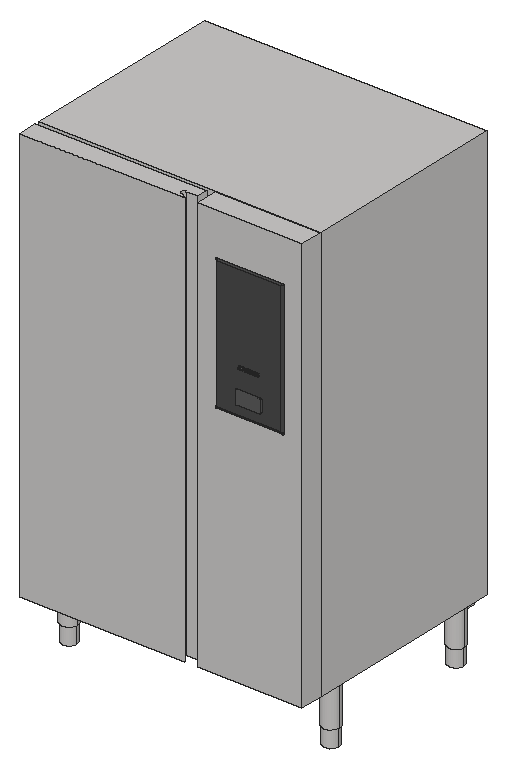
Revit family "QF_ALPENINOX_729258_ABFA21RE", category Specialty Equipment, Revit 2018
Family settings
  Round Connector Dimension = Use Diameter
  Part Type = Normal
  Work Plane-Based = No
  Always vertical = Yes
  Cut with Voids When Loaded = No
  Shared = No
  Room Calculation Point = No
Parameters (values of type "QF_ALPENINOX_729258_ABFA21RE.rfa")
  Weight = 285.00 kg
  Watts = 81.7547 W
  Volts = 380 V
  URL Manufacturer = "http://www.alpeninox.com"
  URL = "http://www.alpeninox.com"
  Steam Supply Size = 0 mm
  Steam Supply Minimum Pressure = 0.0 Pa
  Steam Supply Maximum Pressure = 0.0 Pa
  Steam Pounds per Hour = 0
  Show Logo [instance] = yes
  Show Clearance [instance] = yes
  Refrigeration Suction Line Size = 0.052 mm
  Refrigeration Liquid Line Size = 0.031 mm
  Refrigerant Compressor Remote = yes
  Manufacturer = "Alpeninox"
  Phase = 3
  Model = "ABFA21RE"
  Length Actual = 1040 mm  # constant formula
  Item Number = "729258"
  Hot Water Size = 0 mm
  Height Actual = 1771 mm  # constant formula
  HP = "1.2 HP"
  Gas Size = 0 mm
  Gas KW = 0
  Gas Input Pressure = 0 W
  Description = "CRIO CHILL BLAST CHILLER FREEZER 100/85KG 20 GN 1/1 - REMOTE REFRIGERATING UNIT"
  Depth Actual = 850 mm  # constant formula
  Cycle = 60 Hz
  Condensate Return Size = 0 mm
  Compressed Air Volume = 0.0 L/s
  Compressed Air Size = 0 mm
  Compressed Air Pressure = 0.0 Pa
  Cold Water Size = 0 mm
  Accessory = yes
Types (2, lengths in mm): name | URL | Manufacturer | Phase | Model | Description
  (no name) | 0 | 0 | 0 | 0 | 0
  QF_ALPENINOX_729258_ABFA21RE.rfa | "http://www.alpeninox.com" | "Alpeninox" | 3 | "ABFA21RE" | "CRIO CHILL BLAST CHILLER FREEZER 100/85KG 20 GN 1/1 - REMOTE REFRIGERATING UNIT"
Values of the unnamed type that differ from the named types
  Watts = 0 W
  Volts = 0 V
  URL Manufacturer = ""
  Item Number = ""
  HP = ""
  Cycle = 0 Hz
Reference planes
  plane 1 "Center X": y = 129.851
  plane 2: z = 0
  plane 3 "Center Y": x = -384
  plane 4 "LEFT": x = -904
  plane 5 "BACK": y = 554.851
  plane 6 "RIGHT": x = 136
  plane 7 "FRONT": y = -295.149
  plane 8 "TOP": z = 1741
  plane 9: x = -866.5
  plane 10: y = 478.851
  plane 11: x = 98.5
  plane 12: y = -115.149
  plane 13: y = 616.851
  plane 14: y = -880.149
  plane 15: z = 210
  plane 16: x = -852
  plane 17: x = 84
  plane 18: z = 1174
Forms (mm)
  Extrusion 1, solid, material "QF_Finishes_Stainless Steel"
    sketch origin (0, 0, 1741) x (-1, 0, 0) y (0, -1, 0)
      loop
        line (904, -554.851) -> (904, 210.149) -> (-136, 210.149) -> (-136, -554.851) -> (904, -554.851)
    from 0 to -1531
  Extrusion 2, solid, material "QF_Finishes_Stainless Steel"
    sketch origin (-904, -0.954, 258.709) x (0, 1, 0) y (0, 0, 1)
      loop
        line (617.805, -10.759) -> (555.805, -10.759) -> (555.805, -142.72) -> (617.805, -142.72) -> (617.805, -10.759)
    from 572 to 941.96
  Extrusion 3, solid, material "QF_Finishes_Stainless Steel"
    sketch origin (-199.727, 554.851, 2076) x (1, 0, 0) y (0, 0, -1)
      loop
        circle (230.727, 1616) r 10.5
      loop
        circle (230.727, 1686) r 8
      loop
        circle (230.727, 1701) r 4.75
    from 0 to 90
  Extrusion 4, solid, material "QF_Finishes_Stainless Steel"
    sketch origin (0, 0, 210) x (0, -1, 0) y (-1, 0, 0)
      loop
        circle (-176.851, 270.5) r 9.5
    from 0 to 31.68
  Extrusion 5, solid, material "QF_Finishes_Stainless Steel"
    sketch origin (-642.679, -295.149, 0) x (1, 0, 0) y (0, 0, -1)
      loop
        line (369.7, -1741) -> (369.7, -210) -> (-261.321, -210) -> (-261.321, -1741) -> (369.7, -1741)
    from 0 to 70
  Extrusion 6, solid, material "QF_Finishes_Stainless Steel"
    sketch origin (-623, 0, 1060.038) x (1, 0, 0) y (0, 1, 0)
      loop
        line (759, -295.149) -> (759, -211.149) -> (372.993, -211.149) -> (372.993, -295.149) -> (759, -295.149)
    from 680.962 to -850.038
  Extrusion 7, solid, material "QF_Door-Drawer Clearances", visible <- "Show Clearance", detail levels coarse
    sketch origin (-623, 0, 1060.038) x (1, 0, 0) y (0, 1, 0)
      loop
        line (-246, -295.149) -> (-246, -877.649)
        arc (-246, -877.649) -> (165.972, -703.005) -> (350.021, -295.149) r 614
        line (350.021, -295.149) -> (-246, -295.149)
    from -850.038 to 680.962
  Extrusion 8, void
    sketch origin (-904, -210.149, 1741) x (-1, 0, 0) y (0, 0, 1)
      loop
        line (-600.7, -65.802) -> (-600.7, -1517.802) -> (-46.5, -1517.802) -> (-46.5, -65.802) -> (-600.7, -65.802)
    from 0 to 704
  Extrusion 9, solid, material "QF_Door-Drawer Clearances", visible <- "Show Clearance", detail levels coarse
    sketch origin (-939, -461.949, 0) x (0, -1, 0) y (0, 0, -1)
      loop
        line (415.7, -1741) -> (415.7, -210) -> (-166.8, -210) -> (-166.8, -1741) -> (415.7, -1741)
    from 0 to 70
  Extrusion 10, solid, material "QF_Clearance", visible <- "Show Clearance", detail levels coarse
    sketch origin (-904, 909.851, 0) x (1, 0, 0) y (0, 1, 0)
      loop
        line (0, -1205) -> (0, -355) -> (1040, -355) -> (1040, -1205) -> (1140, -1205) -> (1140, -255) -> (-100, -255) -> (-100, -1205) -> (0, -1205)
    from 0 to 1841
  Extrusion 11, solid, material "QF_Clearance", visible <- "Show Clearance", detail levels coarse
    sketch origin (-1150.39, -1542.9, 1741) x (-1, 0, 0) y (0, -1, 0)
      loop
        line (-246.39, -1247.751) -> (-1286.39, -1247.751) -> (-1286.39, -2097.751) -> (-246.39, -2097.751) -> (-246.39, -1247.751)
    from 0 to 100
  Extrusion 12, void
    sketch origin (-945.724, 0, 0) x (1, 0, 0) y (0, 1, 0)
      loop
        arc (627.437, -262.922) -> (619.313, -269.056) -> (623.077, -278.514) r 8.395
        line (623.077, -278.514) -> (650.783, -295.149) -> (672.745, -295.149) -> (672.745, -262.922) -> (627.437, -262.922)
    from 210 to 1741
  Extrusion 13, void
    sketch origin (-1169.694, -426.449, 0) x (0, 1, 0) y (-1, 0, 0)
      loop
        arc (-405.892, -262.922) -> (-397.768, -256.787) -> (-401.532, -247.329) r 8.395
        line (-401.532, -247.329) -> (-429.238, -230.694) -> (-451.2, -230.694) -> (-451.2, -262.922) -> (-405.892, -262.922)
    from 210 to 1741
Cuts and joins
  Extrusion 8 cuts Extrusion 1
  Extrusion 8 cuts Extrusion 2
  Extrusion 8 cuts Extrusion 3
  Extrusion 8 cuts Extrusion 4
  joined: Extrusion 1, Extrusion 2, Extrusion 3, Extrusion 4
  Extrusion 12 cuts Extrusion 7
  Extrusion 12, Extrusion 13 cuts Extrusion 9
  joined: Extrusion 7, Extrusion 9
  joined: Extrusion 10, Extrusion 11
  Extrusion 12 cuts Extrusion 5
Lines and regions (mm)
  symbolic lines
    curve 1: line (-904, 554.851, 1741) -> (136, 554.851, 1741)
    curve 2: line (-904, -210.149, 1741) -> (-904, 554.851, 1741)
    curve 3: line (136, -295.149, 1741) -> (-250.007, -295.149, 1741)
    curve 4: line (136, 554.851, 1741) -> (136, -295.149, 1741)
    curve 5: line (61.997, -300.149, 1741) -> (-176.003, -300.149, 1741)
    curve 6: line (-176.003, -300.149, 1741) -> (-184.003, -295.149, 1741)
    curve 7: line (61.997, -300.149, 1741) -> (69.997, -295.149, 1741)
    curve 11: line (-250.007, -295.149, 0) -> (-250.007, -210.149, 0)
    curve 12: line (-250.007, -210.149, 0) -> (-904, -210.149, 0)
    curve 13: line (-904, -225.149, 0) -> (-272.979, -225.149, 0)
    curve 14: line (-904, -295.149, 0) -> (-904, -225.149, 0)
    curve 15: line (-294.94, -295.149, 0) -> (-904, -295.149, 0)
    curve 16: line (-272.979, -225.149, 0) -> (-272.979, -262.922, 0)
    curve 21: line (20.5, 644.851, 0) -> (41.5, 644.851, 0)
    curve 22: line (41.5, 644.851, 0) -> (41.5, 554.851, 0)
    curve 23: line (20.5, 644.851, 0) -> (20.5, 554.851, 0)
    curve 24: line (20.5, 616.851, 0) -> (-332, 616.851, 0)
    curve 25: line (-332, 616.851, 0) -> (-332, 554.851, 0)
    curve 29: line (-322.647, -278.514, 0) -> (-294.94, -295.149, 0)
    curve 30: arc (-318.287, -262.922, 0) -> (-326.41, -269.056, 0) -> (-322.647, -278.514, 0) r 8.395
    curve 31: line (-272.979, -262.922, 0) -> (-318.287, -262.922, 0)
  symbolic lines, style "QF_Door-Drawer Clearances", visible <- "Show Clearance"
    curve 8: arc (-272.979, -295.149, 1741) -> (-457.028, -703.005, 1741) -> (-869, -877.649, 1741) r 614
    curve 9: line (-939, -855.687, 1741) -> (-939, -295.149, 1741)
    curve 10: line (-869, -877.649, 1741) -> (-869, -295.149, 1741)
  symbolic lines, style "QF_Door-Drawer Clearances"
    curve 17: line (-869, -877.649, 0) -> (-906.773, -877.649, 0)
    curve 26: line (-922.365, -827.981, 0) -> (-939, -855.687, 0)
    curve 27: arc (-906.773, -832.341, 0) -> (-912.907, -824.217, 0) -> (-922.365, -827.981, 0) r 8.395
    curve 28: line (-906.773, -877.649, 0) -> (-906.773, -832.341, 0)
  symbolic lines, style "QF_Clearances", visible <- "Show Clearance", detail levels coarse
    curve 18: line (-1004, 654.851, 0) -> (-1004, -295.149, 0)
    curve 19: line (236, 654.851, 0) -> (-1004, 654.851, 0)
    curve 20: line (236, -295.149, 0) -> (236, 654.851, 0)
Dimensions and locks
  equal spacing: plane 4 "LEFT", plane 3 "Center Y", plane 6 "RIGHT"
  plane 4 "LEFT" to plane 6 "RIGHT" = 1040 mm
  plane 5 "BACK" to plane 7 "FRONT" = 850 mm
  equal spacing: plane 5 "BACK", plane 1 "Center X", plane 7 "FRONT"
  plane 15 to Extrusion 3 sketch curve = 250 mm
  plane 5 "BACK" to Extrusion 4 sketch curve = 378 mm
  plane 4 "LEFT" to Extrusion 4 sketch curve = 633.5 mm
  plane 6 "RIGHT" to Extrusion 3 sketch curve = 105 mm
  plane 8 "TOP" to level = 1741 mm
  Extrusion 3 sketch curve to Extrusion 6 = 165 mm
  Extrusion 3 sketch curve to Extrusion 6 = 180 mm
  aligned and locked: level to plane 2
  aligned and locked: plane 11 to nested 2
  aligned and locked: plane 9 to nested 1
  aligned and locked: nested 1 to plane 12
  aligned and locked: nested 2 to plane 12
  aligned and locked: nested 4 to plane 10
  aligned and locked: nested 3 to plane 10
Automatic sketch dimensions
  Extrusion 5 sketch curve to plane 4 "LEFT" = 0 mm
  Extrusion 5 sketch curve to plane 15 = 0 mm
  Extrusion 5 sketch curve to plane 8 "TOP" = 0 mm
  Extrusion 8 sketch curve to Extrusion 1 = 13.198 mm
  Extrusion 1 to Extrusion 8 sketch curve = 439.3 mm
  Extrusion 8 sketch curve to Extrusion 1 = 46.5 mm
  Extrusion 8 sketch curve to Extrusion 1 = 65.802 mm
  Extrusion 9 sketch curve to plane 8 "TOP" = 0 mm
  Extrusion 9 sketch curve to plane 15 = 0 mm
  plane 7 "FRONT" to Extrusion 9 sketch curve = 0 mm
  Extrusion 7 sketch curve to plane 7 "FRONT" = 0 mm
  plane 4 "LEFT" to Extrusion 7 sketch curve = 17.818 mm
  Extrusion 7 sketch curve to plane 9 = 2.5 mm
  plane 3 "Center Y" to Extrusion 7 sketch curve = 111.021 mm
  plane 14 to Extrusion 7 sketch curve = 2.5 mm
  Extrusion 1 sketch curve to plane 5 "BACK" = 0 mm
  Extrusion 1 sketch curve to plane 6 "RIGHT" = 0 mm
  Extrusion 1 sketch curve to plane 4 "LEFT" = 0 mm
  plane 7 "FRONT" to Extrusion 1 sketch curve = 85 mm
  Extrusion 6 sketch curve to plane 7 "FRONT" = 0 mm
  Extrusion 6 sketch curve to plane 6 "RIGHT" = 0 mm
  plane 3 "Center Y" to Extrusion 6 sketch curve = 133.993 mm
  Extrusion 6 sketch curve to Extrusion 6 sketch curve = 84 mm
  Extrusion 2 sketch curve to plane 5 "BACK" = 0 mm
  Extrusion 2 sketch curve to plane 13 = 0 mm
  Extrusion 2 sketch curve to plane 15 = 94.012 mm
  plane 15 to Extrusion 2 sketch curve = 37.95 mm
  Extrusion 3 sketch curve to Extrusion 3 sketch curve = 0 mm  (x2)
  Extrusion 10 sketch curve to plane 7 "FRONT" = 0 mm  (x2)
  Extrusion 10 sketch curve to plane 6 "RIGHT" = 1140 mm
  Extrusion 10 sketch curve to Extrusion 10 sketch curve = 100 mm  (x3)
  Extrusion 10 sketch curve to plane 13 = 62 mm
  Extrusion 10 sketch curve to Extrusion 10 sketch curve = 1040 mm
  Extrusion 11 sketch curve to plane 6 "RIGHT" = 0 mm
  Extrusion 11 sketch curve to plane 4 "LEFT" = 0 mm
  Extrusion 11 sketch curve to plane 5 "BACK" = 0 mm
  Extrusion 11 sketch curve to plane 7 "FRONT" = 0 mm
  plane 14 to Extrusion 9 sketch curve = 2.5 mm
  plane 3 "Center Y" to Extrusion 5 sketch curve = 111.021 mm
  plane 4 "LEFT" to Extrusion 12 sketch curve = 581.353 mm
  Extrusion 12 sketch curve to Extrusion 12 sketch curve = 4.321 mm
  Extrusion 12 sketch curve to Extrusion 12 sketch curve = 0.039 mm
  plane 4 "LEFT" to Extrusion 12 sketch curve = 609.06 mm
  plane 4 "LEFT" to Extrusion 12 sketch curve = 631.021 mm
  plane 14 to Extrusion 12 sketch curve = 585 mm
  Extrusion 12 sketch curve to Extrusion 12 sketch curve = 16.635 mm
  Extrusion 12 sketch curve to Extrusion 12 sketch curve = 7.197 mm
  plane 14 to Extrusion 13 sketch curve = 2.5 mm
  Extrusion 13 sketch curve to Extrusion 13 sketch curve = 21.962 mm
  Extrusion 13 sketch curve to Extrusion 13 sketch curve = 23.346 mm
  Extrusion 13 sketch curve to Extrusion 13 sketch curve = 0.039 mm
  Extrusion 13 sketch curve to Extrusion 13 sketch curve = 4.321 mm
  Extrusion 13 sketch curve to plane 4 "LEFT" = 2.773 mm
  Extrusion 13 sketch curve to Extrusion 13 sketch curve = 8.395 mm
  Extrusion 13 sketch curve to Extrusion 13 sketch curve = 16.635 mm
  curve 1 to plane 5 "BACK" = 0 mm
  curve 1 to plane 6 "RIGHT" = 0 mm
  curve 7 to plane 7 "FRONT" = 0 mm
  curve 8 to plane 7 "FRONT" = 0 mm
  curve 10 to plane 7 "FRONT" = 0 mm
  curve 2 to plane 4 "LEFT" = 0 mm
  curve 9 to plane 7 "FRONT" = 0 mm
  curve 7 to plane 7 "FRONT" = 5 mm
  curve 7 to plane 17 = 22.003 mm
  plane 3 "Center Y" to curve 6 = 207.997 mm
  curve 10 to plane 9 = 2.5 mm
  plane 4 "LEFT" to curve 8 = 17.818 mm
  plane 7 "FRONT" to curve 8 = 31.26 mm
  plane 14 to curve 10 = 2.5 mm
  curve 7 to curve 5 = 8 mm
  curve 5 to curve 6 = 8 mm
  curve 3 to curve 8 = 22.972 mm
  curve 9 to plane 4 "LEFT" = 35 mm
  curve 2 to curve 8 = 53.74 mm
  plane 14 to curve 9 = 24.462 mm
  curve 18 to plane 7 "FRONT" = 0 mm
  curve 12 to plane 4 "LEFT" = 0 mm
  curve 13 to plane 4 "LEFT" = 0 mm
  curve 25 to plane 5 "BACK" = 0 mm
  curve 25 to plane 13 = 0 mm
  curve 29 to plane 7 "FRONT" = 0 mm
  curve 11 to plane 7 "FRONT" = 0 mm
  curve 23 to plane 5 "BACK" = 0 mm
  curve 22 to plane 5 "BACK" = 0 mm
  curve 20 to plane 7 "FRONT" = 0 mm
  curve 17 to plane 4 "LEFT" = 2.773 mm
  curve 27 to curve 27 = 8.395 mm
  curve 26 to curve 27 = 7.197 mm
  plane 13 to curve 18 = 38 mm
  curve 18 to plane 4 "LEFT" = 100 mm
  plane 3 "Center Y" to curve 25 = 52 mm
  plane 7 "FRONT" to curve 29 = 16.635 mm
  plane 3 "Center Y" to curve 29 = 61.353 mm
  curve 30 to curve 30 = 4.321 mm
  curve 30 to curve 31 = 0.039 mm
  curve 30 to curve 31 = 45.308 mm
  curve 13 to curve 11 = 22.972 mm
  plane 13 to curve 23 = 28 mm
  curve 23 to plane 17 = 63.5 mm
  curve 21 to curve 22 = 21 mm
  plane 6 "RIGHT" to curve 19 = 100 mm
  plane 14 to curve 26 = 52.168 mm
  curve 27 to curve 27 = 4.321 mm
  plane 14 to curve 28 = 2.5 mm
  curve 30 to curve 30 = 7.197 mm
  curve 16 to curve 13 = 37.773 mm
  curve 13 to curve 12 = 15 mm
  curve 26 to curve 27 = 16.635 mm
  curve 17 to plane 9 = 2.5 mm
  curve 29 to curve 15 = 27.707 mm
  plane 14 to curve 26 = 24.462 mm
  radius of Extrusion 4 sketch curve = 9.5 mm
  radius of Extrusion 3 sketch curve = 10.5 mm
  radius of Extrusion 3 sketch curve = 8 mm
  radius of Extrusion 3 sketch curve = 4.75 mm
Nested families
  nested 1: "Foot_Complete" at (-866.5, -115.149, 0), type "Foot_Complete"
    with H 210 mm
  nested 2: "Foot_Complete" at (98.5, -115.149, 0), type "Foot_Complete"
    with H 210 mm
  nested 3: "Foot_Complete" at (84, 478.851, 0), type "Foot_Complete"
    with H 210 mm
  nested 4: "Foot_Complete" at (-852, 478.851, 0), type "Foot_Complete"
    with H 210 mm
  nested 5: "ALP_Logo_XS" at (-57.008, -300.149, 1256) x (1, 0, 0) z (0, -1, 0), visible <- "Show Logo", type "ALP_Logo_XS"
  nested 6: "ALP_Touch" at (-57.003, -295.149, 1337) x (1, 0, 0) z (0, -1, 0), type "ALP_Touch"
Connectors
  electrical at (31, 644.851, 460), driven by "Volts"
    settings: on Extrusion 3, index 5, voltage 380 V, apparent load 0 VA, apparent load phase1 0 VA, apparent load phase2 0 VA, apparent load phase3 0 VA, power factor 1, load classification "Altro", number of poles 1, system type 30, power factor state 1, is connector primary yes, connector utility no, sub classification motor no, connector description "Electrical Connection"
  piping at (-270.5, 176.851, 178.32), diameter 19
    settings: on cut or joined group of Extrusion 1, Extrusion 2, Extrusion 3, Extrusion 4, Extrusion 8, index 6, connector inside diameter 609.6 mm, connector length 0 mm, flow factor 0, pipe flow 0.0 L/s, pressure drop 0.0 Pa, fitting loss kfactor 0, connector angle 0.00°, fixture units 0, engagement length 0 mm, angle of deflection 0.00°, flow configuration 1, flow direction 2, fitting loss method 0, system type 16, joint type 0, gender type 0, connector reference index -1, connector utility 0, adjustable connector no, is connector primary yes, connector description "Drain"
  piping at (31, 644.851, 390), diameter 16
    settings: on cut or joined group of Extrusion 1, Extrusion 2, Extrusion 3, Extrusion 4, Extrusion 8, index 7, connector inside diameter 609.6 mm, connector length 0 mm, flow factor 0, pipe flow 0.0 L/s, pressure drop 0.0 Pa, fitting loss kfactor 0, connector angle 0.00°, fixture units 0, engagement length 0 mm, angle of deflection 0.00°, flow configuration 1, flow direction 1, fitting loss method 0, system type 8, joint type 0, gender type 0, connector reference index -1, connector utility 0, adjustable connector no, is connector primary no, connector description "Refrigerant Outlet"
  piping at (31, 644.851, 375), diameter 9.5
    settings: on cut or joined group of Extrusion 1, Extrusion 2, Extrusion 3, Extrusion 4, Extrusion 8, index 8, connector inside diameter 609.6 mm, connector length 0 mm, flow factor 0, pipe flow 0.0 L/s, pressure drop 0.0 Pa, fitting loss kfactor 0, connector angle 0.00°, fixture units 0, engagement length 0 mm, angle of deflection 0.00°, flow configuration 0, flow direction 0, fitting loss method 0, system type 7, joint type 0, gender type 0, connector reference index -1, connector utility 0, adjustable connector no, is connector primary no, connector description "Refrigerant Inlet"
Definition of nested family "Foot_Complete"
  Parameters
    R = 32 mm
    H = 150 mm
  Reference planes
    plane 1 "Centro (Fronte/Retro)": y = 0
    plane 2: z = 0
    plane 3 "Centro (Sinistra/Destra)": x = 0
    plane 4: z = 150
  Forms (mm)
    Revolve 1, solid
      sketch origin (255.05, 0, 608.09) x (0, 0, 1) y (-1, 0, 0)
        loop
          line (-608.09, 255.05) -> (-608.09, 226.55) -> (-544.09, 226.55) -> (-544.09, 223.05) -> (-458.09, 223.05) -> (-458.09, 255.05) -> (-608.09, 255.05)
        axis (-608.09, 255.05) -> (-458.09, 255.05)
      angle from 0 to 360
  Dimensions and locks
    locked: level to Revolve 1 sketch curve at 64
    "R": Revolve 1 sketch curve to plane 3 "Centro (Sinistra/Destra)"
    "H": plane 4 to level
    aligned and locked: level to plane 2
    aligned and locked: plane 4 to Revolve 1 sketch curve
    aligned and locked: Revolve 1 sketch curve to level
    aligned and locked: plane 3 "Centro (Sinistra/Destra)" to Revolve 1 sketch curve
  Automatic sketch dimensions
    Revolve 1 sketch curve to plane 3 "Centro (Sinistra/Destra)" = 0 mm
    plane 3 "Centro (Sinistra/Destra)" to Revolve 1 sketch curve = 28.5 mm
    Revolve 1 sketch curve to Revolve 1 sketch curve = 50 mm
    Revolve 1 sketch curve to Revolve 1 sketch curve = 20 mm
Definition of nested family "ALP_Logo_XS"
  Parameters
    Default Elevation = 0 mm
  Reference planes
    plane 1 "Centro (Fronte/Retro)": y = 0
    plane 2: z = 0
    plane 3 "Centro (Sinistra/Destra)": x = 0
  Forms (mm)
    Extrusion 1, solid
      sketch origin (0, 0, 0) x (1, 0, 0) y (0, 1, 0)
        loop
          line (-1219.2, 1219.2) -> (-1219.2, -1219.2) -> (1219.2, -1219.2) -> (1219.2, 1219.2) -> (-1219.2, 1219.2)
      from 0 to -304.8
    Extrusion 2, solid
      sketch origin (17.793, -46.218, 0) x (-1, 0, 0) y (0, -1, 0)
        loop
          arc (56.029, -42.55) -> (55.919, -41.581) -> (55.073, -41.095) r 1.08
          line (55.073, -41.095) -> (54.045, -41.845) -> (53.618, -43.159) -> (49.653, -43.159) -> (49.224, -41.83) -> (48.183, -41.095)
          arc (48.183, -41.095) -> (47.402, -41.616) -> (47.313, -42.55) r 1.094
          line (47.313, -42.55) -> (50.109, -50.245)
          spline (50.109, -50.245) -> (50.175, -50.41) -> (50.254, -50.567) -> (50.343, -50.714) -> (50.444, -50.85) -> (50.556, -50.974) -> (50.679, -51.085) -> (50.813, -51.182) -> (50.957, -51.264) -> (51.112, -51.329) -> (51.277, -51.377) -> (51.452, -51.407) -> (51.636, -51.417)
          spline (51.636, -51.417) -> (51.814, -51.407) -> (51.984, -51.375) -> (52.146, -51.325) -> (52.3, -51.258) -> (52.445, -51.174) -> (52.58, -51.075) -> (52.705, -50.962) -> (52.819, -50.837) -> (52.923, -50.702) -> (53.015, -50.557) -> (53.095, -50.405) -> (53.163, -50.245)
          line (53.163, -50.245) -> (56.029, -42.55)
        loop
          line (53.005, -45.11) -> (50.294, -45.11) -> (51.633, -49.253) -> (53.005, -45.11)
        loop
          spline (46.282, -42.339) -> (46.273, -42.168) -> (46.248, -42.008) -> (46.207, -41.86) -> (46.149, -41.725) -> (46.077, -41.602) -> (45.989, -41.494) -> (45.886, -41.401) -> (45.77, -41.323) -> (45.64, -41.261) -> (45.496, -41.216) -> (45.339, -41.189) -> (45.17, -41.179)
          line (45.17, -41.179) -> (41.605, -41.179)
          spline (41.605, -41.179) -> (41.453, -41.189) -> (41.312, -41.216) -> (41.183, -41.26) -> (41.065, -41.318) -> (40.959, -41.389) -> (40.866, -41.471) -> (40.784, -41.563) -> (40.716, -41.664) -> (40.661, -41.77) -> (40.619, -41.882) -> (40.591, -41.997) -> (40.577, -42.113)
          spline (40.577, -42.113) -> (40.581, -42.234) -> (40.598, -42.356) -> (40.63, -42.475) -> (40.676, -42.591) -> (40.737, -42.7) -> (40.813, -42.802) -> (40.904, -42.894) -> (41.012, -42.973) -> (41.135, -43.039) -> (41.275, -43.088) -> (41.431, -43.119) -> (41.605, -43.13)
          line (41.605, -43.13) -> (44.143, -43.13) -> (44.143, -50.23)
          spline (44.143, -50.23) -> (44.152, -50.4) -> (44.18, -50.557) -> (44.224, -50.701) -> (44.284, -50.83) -> (44.359, -50.946) -> (44.448, -51.047) -> (44.55, -51.133) -> (44.663, -51.204) -> (44.787, -51.26) -> (44.921, -51.301) -> (45.064, -51.325) -> (45.214, -51.333)
          spline (45.214, -51.333) -> (45.363, -51.325) -> (45.506, -51.301) -> (45.639, -51.26) -> (45.763, -51.204) -> (45.876, -51.133) -> (45.977, -51.047) -> (46.066, -50.946) -> (46.141, -50.83) -> (46.201, -50.701) -> (46.245, -50.557) -> (46.272, -50.4) -> (46.282, -50.23)
          line (46.282, -50.23) -> (46.282, -42.339)
        loop
          spline (39.662, -42.198) -> (39.653, -42.028) -> (39.625, -41.871) -> (39.581, -41.727) -> (39.521, -41.598) -> (39.446, -41.482) -> (39.357, -41.381) -> (39.255, -41.295) -> (39.142, -41.224) -> (39.018, -41.168) -> (38.884, -41.128) -> (38.742, -41.103) -> (38.593, -41.095)
          spline (38.593, -41.095) -> (38.443, -41.103) -> (38.3, -41.128) -> (38.167, -41.168) -> (38.043, -41.224) -> (37.93, -41.295) -> (37.829, -41.381) -> (37.74, -41.482) -> (37.665, -41.598) -> (37.605, -41.727) -> (37.561, -41.871) -> (37.534, -42.028) -> (37.524, -42.198)
          line (37.524, -42.198) -> (37.524, -44.517) -> (35.94, -44.517)
          spline (35.94, -44.517) -> (35.46, -44.544) -> (34.998, -44.622) -> (34.559, -44.75) -> (34.147, -44.927) -> (33.768, -45.15) -> (33.424, -45.418) -> (33.122, -45.73) -> (32.864, -46.082) -> (32.656, -46.474) -> (32.502, -46.904) -> (32.407, -47.369) -> (32.374, -47.87)
          spline (32.374, -47.87) -> (32.406, -48.361) -> (32.499, -48.822) -> (32.65, -49.25) -> (32.855, -49.644) -> (33.11, -50) -> (33.413, -50.317) -> (33.76, -50.592) -> (34.147, -50.822) -> (34.57, -51.005) -> (35.027, -51.139) -> (35.513, -51.221) -> (36.026, -51.249)
          line (36.026, -51.249) -> (38.548, -51.249)
          spline (38.548, -51.249) -> (38.72, -51.24) -> (38.879, -51.213) -> (39.023, -51.17) -> (39.154, -51.11) -> (39.271, -51.036) -> (39.373, -50.946) -> (39.46, -50.843) -> (39.532, -50.727) -> (39.588, -50.598) -> (39.629, -50.458) -> (39.654, -50.306) -> (39.662, -50.145)
          line (39.662, -50.145) -> (39.662, -42.198)
        loop
          line (37.524, -49.381) -> (37.524, -46.382) -> (36.065, -46.382)
          spline (36.065, -46.382) -> (35.848, -46.396) -> (35.645, -46.435) -> (35.458, -46.498) -> (35.287, -46.583) -> (35.132, -46.689) -> (34.996, -46.814) -> (34.878, -46.958) -> (34.78, -47.117) -> (34.702, -47.29) -> (34.645, -47.477) -> (34.61, -47.675) -> (34.599, -47.882)
          spline (34.599, -47.882) -> (34.61, -48.09) -> (34.645, -48.288) -> (34.702, -48.474) -> (34.78, -48.648) -> (34.878, -48.807) -> (34.996, -48.95) -> (35.132, -49.075) -> (35.287, -49.181) -> (35.458, -49.266) -> (35.645, -49.329) -> (35.848, -49.368) -> (36.065, -49.381)
          line (36.065, -49.381) -> (37.524, -49.381)
        loop
          spline (23.911, -45.178) -> (23.6, -45.189) -> (23.319, -45.221) -> (23.07, -45.274) -> (22.85, -45.346) -> (22.659, -45.437) -> (22.496, -45.545) -> (22.36, -45.67) -> (22.251, -45.81) -> (22.167, -45.965) -> (22.109, -46.133) -> (22.074, -46.314) -> (22.063, -46.506)
          spline (22.063, -46.506) -> (22.102, -47.066) -> (22.218, -47.632) -> (22.407, -48.193) -> (22.666, -48.74) -> (22.993, -49.263) -> (23.383, -49.749) -> (23.833, -50.189) -> (24.34, -50.573) -> (24.901, -50.89) -> (25.513, -51.129) -> (26.173, -51.281) -> (26.876, -51.333)
          spline (26.876, -51.333) -> (27.564, -51.284) -> (28.212, -51.14) -> (28.817, -50.909) -> (29.374, -50.599) -> (29.881, -50.217) -> (30.332, -49.772) -> (30.725, -49.271) -> (31.055, -48.721) -> (31.318, -48.131) -> (31.511, -47.508) -> (31.63, -46.859) -> (31.67, -46.193)
          spline (31.67, -46.193) -> (31.629, -45.477) -> (31.508, -44.798) -> (31.31, -44.16) -> (31.039, -43.568) -> (30.698, -43.027) -> (30.291, -42.543) -> (29.821, -42.119) -> (29.292, -41.762) -> (28.707, -41.475) -> (28.07, -41.265) -> (27.385, -41.135) -> (26.653, -41.09)
          spline (26.653, -41.09) -> (26.149, -41.112) -> (25.639, -41.177) -> (25.132, -41.281) -> (24.637, -41.419) -> (24.165, -41.589) -> (23.724, -41.786) -> (23.325, -42.006) -> (22.977, -42.247) -> (22.689, -42.505) -> (22.472, -42.775) -> (22.335, -43.053) -> (22.287, -43.337)
          spline (22.287, -43.337) -> (22.293, -43.479) -> (22.313, -43.618) -> (22.346, -43.753) -> (22.392, -43.881) -> (22.451, -44) -> (22.521, -44.11) -> (22.604, -44.208) -> (22.698, -44.292) -> (22.804, -44.36) -> (22.921, -44.412) -> (23.05, -44.444) -> (23.188, -44.456)
          spline (23.188, -44.456) -> (23.413, -44.429) -> (23.628, -44.352) -> (23.84, -44.236) -> (24.057, -44.091) -> (24.285, -43.927) -> (24.531, -43.753) -> (24.801, -43.58) -> (25.102, -43.417) -> (25.441, -43.275) -> (25.824, -43.165) -> (26.258, -43.095) -> (26.75, -43.076)
          spline (26.75, -43.076) -> (27.057, -43.097) -> (27.356, -43.149) -> (27.643, -43.23) -> (27.916, -43.341) -> (28.172, -43.479) -> (28.409, -43.645) -> (28.624, -43.837) -> (28.815, -44.056) -> (28.978, -44.3) -> (29.111, -44.569) -> (29.211, -44.862) -> (29.276, -45.178)
          line (29.276, -45.178) -> (23.911, -45.178)
        loop
          line (29.332, -47.164) -> (24.402, -47.164)
          spline (24.402, -47.164) -> (24.458, -47.453) -> (24.55, -47.736) -> (24.676, -48.011) -> (24.833, -48.274) -> (25.018, -48.52) -> (25.228, -48.746) -> (25.461, -48.947) -> (25.715, -49.121) -> (25.985, -49.263) -> (26.271, -49.369) -> (26.569, -49.435) -> (26.876, -49.458)
          spline (26.876, -49.458) -> (27.172, -49.434) -> (27.462, -49.366) -> (27.743, -49.257) -> (28.013, -49.112) -> (28.266, -48.936) -> (28.501, -48.731) -> (28.714, -48.504) -> (28.902, -48.257) -> (29.061, -47.995) -> (29.188, -47.723) -> (29.279, -47.444) -> (29.332, -47.164)
        loop
          spline (20.938, -42.198) -> (20.929, -42.028) -> (20.901, -41.871) -> (20.857, -41.727) -> (20.796, -41.597) -> (20.721, -41.482) -> (20.632, -41.381) -> (20.53, -41.295) -> (20.416, -41.224) -> (20.292, -41.168) -> (20.158, -41.127) -> (20.016, -41.103) -> (19.866, -41.095)
          spline (19.866, -41.095) -> (19.716, -41.103) -> (19.574, -41.127) -> (19.441, -41.168) -> (19.317, -41.224) -> (19.204, -41.295) -> (19.102, -41.381) -> (19.013, -41.482) -> (18.938, -41.597) -> (18.878, -41.727) -> (18.834, -41.871) -> (18.806, -42.028) -> (18.797, -42.198)
          line (18.797, -42.198) -> (18.797, -47.511) -> (14.246, -41.561) -> (13.347, -41.095)
          spline (13.347, -41.095) -> (13.197, -41.103) -> (13.055, -41.127) -> (12.921, -41.168) -> (12.797, -41.224) -> (12.684, -41.295) -> (12.582, -41.381) -> (12.494, -41.482) -> (12.418, -41.597) -> (12.358, -41.727) -> (12.314, -41.871) -> (12.287, -42.028) -> (12.277, -42.198)
          line (12.277, -42.198) -> (12.277, -50.23)
          spline (12.277, -50.23) -> (12.287, -50.4) -> (12.314, -50.557) -> (12.358, -50.701) -> (12.418, -50.83) -> (12.494, -50.946) -> (12.582, -51.047) -> (12.684, -51.133) -> (12.797, -51.204) -> (12.921, -51.26) -> (13.055, -51.301) -> (13.197, -51.325) -> (13.347, -51.333)
          spline (13.347, -51.333) -> (13.497, -51.325) -> (13.639, -51.301) -> (13.773, -51.26) -> (13.897, -51.204) -> (14.011, -51.133) -> (14.113, -51.047) -> (14.202, -50.946) -> (14.277, -50.83) -> (14.337, -50.701) -> (14.381, -50.557) -> (14.408, -50.4) -> (14.418, -50.23)
          line (14.418, -50.23) -> (14.418, -44.847) -> (18.968, -50.865) -> (19.866, -51.333)
          spline (19.866, -51.333) -> (20.016, -51.325) -> (20.158, -51.301) -> (20.292, -51.26) -> (20.416, -51.204) -> (20.53, -51.133) -> (20.632, -51.047) -> (20.721, -50.946) -> (20.796, -50.83) -> (20.857, -50.701) -> (20.901, -50.557) -> (20.929, -50.4) -> (20.938, -50.23)
          line (20.938, -50.23) -> (20.938, -42.198)
        loop
          spline (10.94, -42.198) -> (10.93, -42.028) -> (10.903, -41.871) -> (10.859, -41.727) -> (10.799, -41.597) -> (10.724, -41.482) -> (10.635, -41.381) -> (10.533, -41.295) -> (10.42, -41.224) -> (10.296, -41.168) -> (10.162, -41.127) -> (10.019, -41.103) -> (9.869, -41.095)
          spline (9.869, -41.095) -> (9.719, -41.103) -> (9.577, -41.127) -> (9.443, -41.168) -> (9.319, -41.224) -> (9.206, -41.295) -> (9.105, -41.381) -> (9.016, -41.482) -> (8.941, -41.597) -> (8.881, -41.727) -> (8.837, -41.871) -> (8.81, -42.028) -> (8.8, -42.198)
          line (8.8, -42.198) -> (8.8, -50.23)
          spline (8.8, -50.23) -> (8.81, -50.4) -> (8.837, -50.557) -> (8.881, -50.701) -> (8.941, -50.83) -> (9.016, -50.946) -> (9.105, -51.047) -> (9.206, -51.133) -> (9.319, -51.204) -> (9.443, -51.26) -> (9.577, -51.301) -> (9.719, -51.325) -> (9.869, -51.333)
          spline (9.869, -51.333) -> (10.019, -51.325) -> (10.162, -51.301) -> (10.296, -51.26) -> (10.42, -51.204) -> (10.533, -51.133) -> (10.635, -51.047) -> (10.724, -50.946) -> (10.799, -50.83) -> (10.859, -50.701) -> (10.903, -50.557) -> (10.93, -50.4) -> (10.94, -50.23)
          line (10.94, -50.23) -> (10.94, -42.198)
        loop
          spline (7.462, -42.198) -> (7.452, -42.028) -> (7.425, -41.871) -> (7.381, -41.727) -> (7.321, -41.597) -> (7.246, -41.482) -> (7.157, -41.381) -> (7.055, -41.295) -> (6.942, -41.224) -> (6.818, -41.168) -> (6.685, -41.127) -> (6.542, -41.103) -> (6.393, -41.095)
          spline (6.393, -41.095) -> (6.243, -41.103) -> (6.1, -41.127) -> (5.966, -41.168) -> (5.842, -41.224) -> (5.729, -41.295) -> (5.627, -41.381) -> (5.538, -41.482) -> (5.463, -41.597) -> (5.402, -41.727) -> (5.358, -41.871) -> (5.331, -42.028) -> (5.321, -42.198)
          line (5.321, -42.198) -> (5.321, -47.511) -> (0.771, -41.561) -> (-0.128, -41.095)
          spline (-0.128, -41.095) -> (-0.278, -41.103) -> (-0.42, -41.127) -> (-0.554, -41.168) -> (-0.678, -41.224) -> (-0.791, -41.295) -> (-0.893, -41.381) -> (-0.982, -41.482) -> (-1.057, -41.597) -> (-1.117, -41.727) -> (-1.162, -41.871) -> (-1.189, -42.028) -> (-1.199, -42.198)
          line (-1.199, -42.198) -> (-1.199, -50.23)
          spline (-1.199, -50.23) -> (-1.189, -50.4) -> (-1.162, -50.557) -> (-1.117, -50.701) -> (-1.057, -50.83) -> (-0.982, -50.946) -> (-0.893, -51.047) -> (-0.791, -51.133) -> (-0.678, -51.204) -> (-0.554, -51.26) -> (-0.42, -51.301) -> (-0.278, -51.325) -> (-0.128, -51.333)
          spline (-0.128, -51.333) -> (0.022, -51.325) -> (0.164, -51.301) -> (0.298, -51.26) -> (0.422, -51.204) -> (0.536, -51.133) -> (0.637, -51.047) -> (0.726, -50.946) -> (0.801, -50.83) -> (0.861, -50.701) -> (0.905, -50.557) -> (0.932, -50.4) -> (0.942, -50.23)
          line (0.942, -50.23) -> (0.942, -44.847) -> (5.493, -50.865) -> (6.393, -51.333)
          spline (6.393, -51.333) -> (6.542, -51.325) -> (6.685, -51.301) -> (6.818, -51.26) -> (6.942, -51.204) -> (7.055, -51.133) -> (7.157, -51.047) -> (7.246, -50.946) -> (7.321, -50.83) -> (7.381, -50.701) -> (7.425, -50.557) -> (7.452, -50.4) -> (7.462, -50.23)
          line (7.462, -50.23) -> (7.462, -42.198)
        loop
          spline (-7.232, -41.01) -> (-7.943, -41.056) -> (-8.611, -41.192) -> (-9.232, -41.411) -> (-9.803, -41.709) -> (-10.321, -42.078) -> (-10.782, -42.514) -> (-11.181, -43.011) -> (-11.516, -43.564) -> (-11.783, -44.166) -> (-11.978, -44.812) -> (-12.097, -45.497) -> (-12.138, -46.214)
          spline (-12.138, -46.214) -> (-12.096, -46.919) -> (-11.974, -47.596) -> (-11.774, -48.238) -> (-11.503, -48.839) -> (-11.163, -49.393) -> (-10.76, -49.893) -> (-10.297, -50.333) -> (-9.778, -50.707) -> (-9.208, -51.008) -> (-8.591, -51.231) -> (-7.931, -51.37) -> (-7.232, -51.417)
          spline (-7.232, -51.417) -> (-6.524, -51.371) -> (-5.858, -51.236) -> (-5.238, -51.018) -> (-4.666, -50.722) -> (-4.148, -50.353) -> (-3.687, -49.918) -> (-3.286, -49.422) -> (-2.95, -48.87) -> (-2.682, -48.267) -> (-2.486, -47.62) -> (-2.366, -46.934) -> (-2.325, -46.214)
          spline (-2.325, -46.214) -> (-2.366, -45.497) -> (-2.487, -44.812) -> (-2.684, -44.166) -> (-2.953, -43.564) -> (-3.29, -43.011) -> (-3.692, -42.514) -> (-4.154, -42.078) -> (-4.672, -41.709) -> (-5.243, -41.411) -> (-5.862, -41.192) -> (-6.527, -41.056) -> (-7.232, -41.01)
        loop
          spline (-7.232, -42.962) -> (-7.665, -42.993) -> (-8.059, -43.083) -> (-8.414, -43.227) -> (-8.731, -43.422) -> (-9.01, -43.661) -> (-9.251, -43.941) -> (-9.454, -44.257) -> (-9.62, -44.605) -> (-9.748, -44.979) -> (-9.839, -45.374) -> (-9.894, -45.788) -> (-9.912, -46.214)
          spline (-9.912, -46.214) -> (-9.894, -46.637) -> (-9.837, -47.049) -> (-9.744, -47.444) -> (-9.614, -47.818) -> (-9.446, -48.165) -> (-9.241, -48.482) -> (-8.998, -48.763) -> (-8.719, -49.003) -> (-8.403, -49.198) -> (-8.049, -49.344) -> (-7.659, -49.434) -> (-7.232, -49.466)
          spline (-7.232, -49.466) -> (-6.804, -49.434) -> (-6.414, -49.344) -> (-6.06, -49.198) -> (-5.743, -49.003) -> (-5.464, -48.763) -> (-5.222, -48.482) -> (-5.017, -48.165) -> (-4.849, -47.818) -> (-4.718, -47.444) -> (-4.625, -47.049) -> (-4.568, -46.637) -> (-4.55, -46.214)
          spline (-4.55, -46.214) -> (-4.568, -45.788) -> (-4.623, -45.374) -> (-4.714, -44.979) -> (-4.842, -44.605) -> (-5.008, -44.257) -> (-5.211, -43.941) -> (-5.452, -43.661) -> (-5.731, -43.422) -> (-6.048, -43.227) -> (-6.404, -43.083) -> (-6.798, -42.993) -> (-7.232, -42.962)
        loop
          arc (-12.168, -42.806) -> (-12.411, -41.323) -> (-13.895, -41.561) r 1.064
          line (-13.895, -41.561) -> (-16.234, -44.786) -> (-18.574, -41.561)
          arc (-18.574, -41.561) -> (-20.072, -41.304) -> (-20.3, -42.806) r 1.064
          line (-20.3, -42.806) -> (-17.477, -46.566) -> (-19.787, -49.678)
          arc (-19.787, -49.678) -> (-19.432, -51.089) -> (-18.004, -50.81) r 1.057
          line (-18.004, -50.81) -> (-16.234, -48.321) -> (-14.389, -50.918)
          arc (-14.389, -50.918) -> (-12.91, -51.16) -> (-12.683, -49.678) r 1.055
          line (-12.683, -49.678) -> (-14.994, -46.566) -> (-12.168, -42.806)
      from 0 to 1.644
  Dimensions and locks
    aligned and locked: plane 2 to Extrusion 1
    aligned and locked: level to Extrusion 1
Definition of nested family "ALP_Touch"
  Parameters
    Default Elevation = 1219.2 mm
  Reference planes
    plane 1 "Centro (Fronte/Retro)": y = 0
    plane 2: z = 0
    plane 3 "Centro (Sinistra/Destra)": x = 0
    plane 4: y = -81
  Forms (mm)
    Extrusion 1, solid
      sketch origin (0, 0, 0) x (1, 0, 0) y (0, 1, 0)
        loop
          line (-1219.2, 1219.2) -> (-1219.2, -1219.2) -> (1219.2, -1219.2) -> (1219.2, 1219.2) -> (-1219.2, 1219.2)
      from 0 to -304.8
    Extrusion 2, solid
      sketch origin (0, 0, 5) x (1, 0, 0) y (0, 1, 0)
        loop
          line (-47, -160) -> (-47, -202)
          arc (-47, -202) -> (-45.536, -205.535) -> (-42, -207) r 5
          line (-42, -207) -> (42, -207)
          arc (42, -207) -> (45.536, -205.535) -> (47, -202) r 5
          line (47, -202) -> (47, -160)
          arc (47, -160) -> (45.536, -156.465) -> (42, -155) r 5
          line (42, -155) -> (-42, -155)
          arc (-42, -155) -> (-45.536, -156.465) -> (-47, -160) r 5
      from 0 to 2
    Blend 3, solid
      base sketch origin (0, 0, 0) x (1, 0, 0) y (0, 1, 0)
        loop
          line (-127, 244) -> (-127, -244)
          arc (-127, -244) -> (-125.536, -247.536) -> (-122, -249) r 5
          line (-122, -249) -> (122, -249)
          arc (122, -249) -> (125.536, -247.536) -> (127, -244) r 5
          line (127, -244) -> (127, 244)
          arc (127, 244) -> (125.536, 247.536) -> (122, 249) r 5
          line (122, 249) -> (-122, 249)
          arc (-122, 249) -> (-125.536, 247.536) -> (-127, 244) r 5
      top sketch origin (0, 0, 0) x (1, 0, 0) y (0, 1, 0)
        loop
          line (-119, -241) -> (119, -241) -> (119, 241) -> (-119, 241) -> (-119, -241)
      from 0 to 5
  Lines and regions (mm)
    Split face 1
      outline origin (0, 0, 5) x (1, 0, 0) y (0, 1, 0)
        loop
          line (-70.506, 46.167) -> (70.506, 46.167) -> (70.506, 214.829) -> (-70.506, 214.829) -> (-70.506, 46.167)
    Split face 2
      outline origin (0, 0, 5) x (1, 0, 0) y (0, 1, 0)
        loop
          line (-47.467, 50.825) -> (47.467, 50.825) -> (47.467, 210.171) -> (-47.467, 210.171) -> (-47.467, 50.825)
    Split face 3
      outline origin (0, 0, 5) x (1, 0, 0) y (0, 1, 0)
        loop
          line (-116, 241) -> (-116, -241)
        loop
          line (116, -241) -> (116, 241)
    Split face 4
      outline origin (0, 0, 5) x (1, 0, 0) y (0, 1, 0)
        loop
          line (52.506, -63) -> (-52.506, -63)
          arc (-52.506, -63) -> (-70.506, -81) -> (-52.506, -99) r 18
          line (-52.506, -99) -> (52.506, -99)
          arc (52.506, -99) -> (70.506, -81) -> (52.506, -63) r 18
    Split face 5
      outline origin (0, 0, 5) x (1, 0, 0) y (0, 1, 0)
        loop
          arc (-52.506, -66) -> (-67.506, -81) -> (-52.506, -96) r 15
          line (-52.506, -96) -> (52.506, -96)
          arc (52.506, -96) -> (67.506, -81) -> (52.506, -66) r 15
          line (52.506, -66) -> (-52.506, -66)
  Dimensions and locks
    aligned and locked: plane 2 to Extrusion 1
    aligned and locked: level to Extrusion 1
